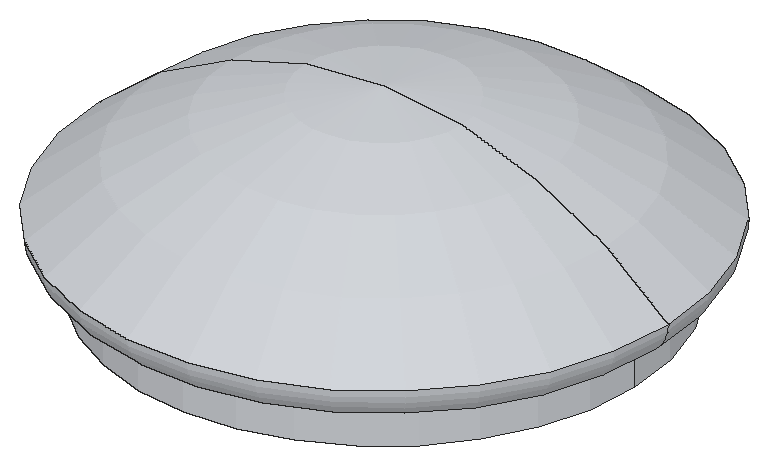
Revit family "0043426", category Lighting Fixtures, host Face, Revit 2017
Family settings
  Host = Face
  Round Connector Dimension = Use Diameter
  Part Type = Normal
  OmniClass Number = 23.80.70.00
  OmniClass Title = Lighting
  Cut with Voids When Loaded = No
  Light Source = Yes
  Shared = No
  Room Calculation Point = No
Parameters (values of type "0043426_3000K START eco Surface IP44 1025LM 830/840 DT")
  YIN_SENSOR_SYL = no
  YIN_360_SYL = no
  YIN_330_SYL = no
  YIN_250_SYL = yes
  YIN_180_SYL = no
  Weight = "1.5 kg"
  Wattage Comments = ""
  Wattage = 12 W
  WarrantyStartDate [instance] = "n/a"
  WarrantyGuarantorParts = "n/a"
  WarrantyDurationUnit = "n/a"
  WarrantyDurationParts = "n/a"
  WarrantyDescription = "n/a"
  built-in parameter 1150110 = 1 (stored number, unit not read)
  Voltage = 0 V
  URL = "http://www.sylvania-lighting.com"
  TypeName = "Start eco Surface IP44 1025lm 830/840 DualTone"
  Type Image = <None>
  Type Comments = "n/a"
  built-in parameter 1114217 = 1 (stored number, unit not read)
  Tilt Angle = -90.00°
  built-in parameter 1150109 = 1 (stored number, unit not read)
  built-in parameter 1150134 = (empty or 0)
  built-in parameter 1150113 = 1 (stored number, unit not read)
  SerialNumber [instance] = "n/a"
  SENSOR_SYL = 12 mm
  Photometric Web File = "0043426_3000K.ies"
  Material_3_SYL = none
  PowerFactor = 0
  PowerConsumption = "n/a"
  NominalLength = 250 mm
  NominalHeight = 80 mm
  NominalDepth = 250 mm
  Name = "Start eco Surface IP44 1025lm 830/840 DualTone"
  ModelReference = Name  # "Start eco Surface IP44 1025lm 830/840 DualTone"
  ModelNumber = "0043426"
  Model = Name  # "Start eco Surface IP44 1025lm 830/840 DualTone"
  Material = "steel housing, other diffuser"
  ManufacturerName = "Feilo Sylvania"
  Manufacturer = "Feilo Sylvania"
  LuminousEfficacy = "n/a"
  built-in parameter 1150105 = (empty or 0)
  Lumens = 0 lm
  LuminaireType = ""
  built-in parameter 1150115 = 1 (stored number, unit not read)
  LightOutputRatio = "n/a"
  built-in parameter 1150137 = (empty or 0)
  built-in parameter 1150139 = (empty or 0)
  LampsType = Lamp  # "LED"
  LampNominalLuminous = "1025 lm"
  LampMacAdamStep = "6"
  LampColourTemperature = "3000 K"
  LampColourRenderingIndex = "80"
  built-in parameter 1150112 = 1 (stored number, unit not read)
  built-in parameter 1150114 = 1 (stored number, unit not read)
  Lamp = "LED"
  LUM_R_SYL = if(YIN_180_SYL, 90 mm, if(YIN_250_SYL, 125 mm, if(YIN_330_SYL, 165 mm, if(YIN_360_SYL, 180 mm, 180 mm))))  # 125 mm
  LUM_R_HEIGHT_SYL = LUM_H_SYL - 30 mm  # 50 mm
  LUM_H_SYL = if(YIN_180_SYL, 75 mm, if(YIN_250_SYL, 80 mm, if(YIN_330_SYL, 96 mm, if(YIN_360_SYL, 100 mm, 100 mm))))  # 80 mm
  Keynote = "16500"
  InstallationDate [instance] = "n/a"
  InputVoltage = "n/a"
  InputNominalFrequency = "n/a"
  built-in parameter 1150132 = (empty or 0)
  built-in parameter 1150102 = (empty or 0)
  built-in parameter 1150107 = 3000 (stored number, unit not read)
  built-in parameter 1150138 = (empty or 0)
  IngressProtection = "IP44"
  ImpactProtectionIndex = "IK03"
  built-in parameter 1150106 = 1.0982 (stored number, unit not read)
  IfcExportType = "IfcLightFixtureType"
  IfcExportAs = "IfcLightFixtureType"
  Emit from Circle Diameter = 609.6 mm
  Emit Shape Visible in Rendering = no
  ElectricShockClassification = "Class I"
  built-in parameter 1150104 = (empty or 0)
  DocumentationLiterature = "http://www.sylvania-lighting.com/product/en-int/products/0043426"
  DimmingControlOptions = "n/a"
  Material_2_SYL = none
  Dimming Lamp Color Temperature Shift = <None>
  Description = ""
  Default Elevation = 1219.2 mm
  CreatedOn = "8/18/2020"
  CreatedBy = "@sylvania-lighting.com"
  Cost = 0
  Color Filter = 16777215
  built-in parameter 1114216 [instance] = (empty or 0)
  ClassificationValue = "EF_70_80"
  ClassificationName = "Uniclass2015"
  Material_1_SYL = none
  BarCode [instance] = "n/a"
  built-in parameter 1114218 = 1 (stored number, unit not read)
  BOTTOM_R_SYL = if(YIN_180_SYL, 76 mm, if(YIN_250_SYL, 110 mm, if(YIN_330_SYL, 150 mm, if(YIN_360_SYL, 150 mm, 150 mm))))  # 110 mm
  BOTTOM_HEIGHT_SYL = LUM_H_SYL - 15 mm  # 65 mm
  built-in parameter 1150133 = 10 (stored number, unit not read)
  AssetType = "Fixed"
  AssetIdentifier [instance] = "n/a"
  Assembly Code = "D5020200"
  Apparent Load = 0 VA
  Material_4_SYL = none
Types (16, lengths in mm): name | YIN_360_SYL | YIN_330_SYL | YIN_250_SYL | YIN_180_SYL | Weight | Wattage | TypeName | built-in parameter 1150134 | Photometric Web File | PowerFactor | PowerConsumption | NominalLength | NominalHeight | NominalDepth | Name | ModelReference | ModelNumber | Model | LuminousEfficacy | built-in parameter 1150105 | Lumens | LampNominalLuminous | LampColourTemperature | LUM_R_SYL | LUM_R_HEIGHT_SYL | LUM_H_SYL | built-in parameter 1150107 | built-in parameter 1150106 | built-in parameter 1150104 | DocumentationLiterature | BOTTOM_R_SYL | BOTTOM_HEIGHT_SYL | Apparent Load
  0043436_3000K START eco Surface IP44 2050LM MW 830/840 DT | yes | no | no | no | "3.42 kg" | 24 W | "Start eco Surface IP44 2050lm MW 830/840 DualTone" | (empty or 0) | "0043436_3000K.ies" | 0 | "n/a" | 360 | 100 | 360 | "Start eco Surface IP44 2050lm MW 830/840 DualTone" | "Start eco Surface IP44 2050lm MW 830/840 DualTone" | "0043436" | "Start eco Surface IP44 2050lm MW 830/840 DualTone" | "n/a" | (empty or 0) | 0 lm | "2050 lm" | "3000 K" | 180 | 70 | 100 | 3000 (stored number, unit not read) | 1.0982 (stored number, unit not read) | (empty or 0) | "http://www.sylvania-lighting.com/product/en-int/products/0043436" | 150 | 85 | 0 VA
  0043435_4000K START eco Surface IP44 1550LM MW 830/840 DT | no | yes | no | no | "3.42 kg" | 18 W | "Start eco Surface IP44 1550lm MW 830/840 DualTone" | 12 | "0043435_4000K.ies" | 0 | "n/a" | 330 | 96 | 330 | "Start eco Surface IP44 1550lm MW 830/840 DualTone" | "Start eco Surface IP44 1550lm MW 830/840 DualTone" | "0043435" | "Start eco Surface IP44 1550lm MW 830/840 DualTone" | "n/a" | (empty or 0) | 0 lm | "1550 lm" | "4000 K" | 165 | 66 | 96 | 4000 (stored number, unit not read) | 1.0982 (stored number, unit not read) | (empty or 0) | "http://www.sylvania-lighting.com/product/en-int/products/0043435" | 150 | 81 | 0 VA
  0043435_3000K START eco Surface IP44 1550LM MW 830/840 DT | no | yes | no | no | "3.42 kg" | 18 W | "Start eco Surface IP44 1550lm MW 830/840 DualTone" | (empty or 0) | "0043435_3000K.ies" | 0 | "n/a" | 330 | 96 | 330 | "Start eco Surface IP44 1550lm MW 830/840 DualTone" | "Start eco Surface IP44 1550lm MW 830/840 DualTone" | "0043435" | "Start eco Surface IP44 1550lm MW 830/840 DualTone" | "n/a" | (empty or 0) | 0 lm | "1550 lm" | "3000 K" | 165 | 66 | 96 | 3000 (stored number, unit not read) | 1.0982 (stored number, unit not read) | (empty or 0) | "http://www.sylvania-lighting.com/product/en-int/products/0043435" | 150 | 81 | 0 VA
  0043434_4000K START eco Surface IP44 2050LM DIM 30/840 DT | yes | no | no | no | "3.54 kg" | 24 W | "Start eco Surface IP44 2050lm DIM 830/840 DualTone" | 12 | "0043434_4000K.ies" | 0 | "n/a" | 360 | 100 | 360 | "Start eco Surface IP44 2050lm DIM 830/840 DualTone" | "Start eco Surface IP44 2050lm DIM 830/840 DualTone" | "0043434" | "Start eco Surface IP44 2050lm DIM 830/840 DualTone" | "n/a" | (empty or 0) | 0 lm | "2050 lm" | "4000 K" | 180 | 70 | 100 | 4000 (stored number, unit not read) | 1.0982 (stored number, unit not read) | (empty or 0) | "http://www.sylvania-lighting.com/product/en-int/products/0043434" | 150 | 85 | 0 VA
  0043434_3000K START eco Surface IP44 2050LM DIM 30/840 DT | yes | no | no | no | "3.54 kg" | 24 W | "Start eco Surface IP44 2050lm DIM 830/840 DualTone" | (empty or 0) | "0043434_3000K.ies" | 0 | "n/a" | 360 | 100 | 360 | "Start eco Surface IP44 2050lm DIM 830/840 DualTone" | "Start eco Surface IP44 2050lm DIM 830/840 DualTone" | "0043434" | "Start eco Surface IP44 2050lm DIM 830/840 DualTone" | "n/a" | (empty or 0) | 0 lm | "2050 lm" | "3000 K" | 180 | 70 | 100 | 3000 (stored number, unit not read) | 1.0982 (stored number, unit not read) | (empty or 0) | "http://www.sylvania-lighting.com/product/en-int/products/0043434" | 150 | 85 | 0 VA
  0043433_4000K START eco Surface IP44 1550LM DIM 830/840 DT | no | yes | no | no | "3.54 kg" | 18 W | "Start eco Surface IP44 1550lm DIM 830/840 DualTone" | 12 | "0043433_4000K.ies" | 0 | "n/a" | 330 | 96 | 330 | "Start eco Surface IP44 1550lm DIM 830/840 DualTone" | "Start eco Surface IP44 1550lm DIM 830/840 DualTone" | "0043433" | "Start eco Surface IP44 1550lm DIM 830/840 DualTone" | "n/a" | (empty or 0) | 0 lm | "1550 lm" | "4000 K" | 165 | 66 | 96 | 4000 (stored number, unit not read) | 1.0982 (stored number, unit not read) | (empty or 0) | "http://www.sylvania-lighting.com/product/en-int/products/0043433" | 150 | 81 | 0 VA
  0043433_3000K START eco Surface IP44 1550LM DIM 830/840 DT | no | yes | no | no | "3.54 kg" | 18 W | "Start eco Surface IP44 1550lm DIM 830/840 DualTone" | (empty or 0) | "0043433_3000K.ies" | 0 | "n/a" | 330 | 96 | 330 | "Start eco Surface IP44 1550lm DIM 830/840 DualTone" | "Start eco Surface IP44 1550lm DIM 830/840 DualTone" | "0043433" | "Start eco Surface IP44 1550lm DIM 830/840 DualTone" | "n/a" | (empty or 0) | 0 lm | "1550 lm" | "3000 K" | 165 | 66 | 96 | 3000 (stored number, unit not read) | 1.0982 (stored number, unit not read) | (empty or 0) | "http://www.sylvania-lighting.com/product/en-int/products/0043433" | 150 | 81 | 0 VA
  0043428_4000K START eco Surface IP44 2050LM 830/840 DT | yes | no | no | no | "3.12 kg" | 24 W | "Start eco Surface IP44 2050lm 830/840 DualTone" | 12 | "0043428_4000K.ies" | 0 | "n/a" | 360 | 100 | 360 | "Start eco Surface IP44 2050lm 830/840 DualTone" | "Start eco Surface IP44 2050lm 830/840 DualTone" | "0043428" | "Start eco Surface IP44 2050lm 830/840 DualTone" | "n/a" | (empty or 0) | 0 lm | "2050 lm" | "4000 K" | 180 | 70 | 100 | 4000 (stored number, unit not read) | 1.0982 (stored number, unit not read) | (empty or 0) | "http://www.sylvania-lighting.com/product/en-int/products/0043428" | 150 | 85 | 0 VA
  0043428_3000K START eco Surface IP44 2050LM 830/840 DT | yes | no | no | no | "3.12 kg" | 24 W | "Start eco Surface IP44 2050lm 830/840 DualTone" | (empty or 0) | "0043428_3000K.ies" | 0 | "n/a" | 360 | 100 | 360 | "Start eco Surface IP44 2050lm 830/840 DualTone" | "Start eco Surface IP44 2050lm 830/840 DualTone" | "0043428" | "Start eco Surface IP44 2050lm 830/840 DualTone" | "n/a" | (empty or 0) | 0 lm | "2050 lm" | "3000 K" | 180 | 70 | 100 | 3000 (stored number, unit not read) | 1.0982 (stored number, unit not read) | (empty or 0) | "http://www.sylvania-lighting.com/product/en-int/products/0043428" | 150 | 85 | 0 VA
  0043427_4000K START eco Surface IP44 1550LM 830/840 DT | no | yes | no | no | "3.12 kg" | 18 W | "Start eco Surface IP44 1550lm 830/840 DualTone" | 12 | "0043427_4000K.ies" | 0 | "n/a" | 330 | 96 | 330 | "Start eco Surface IP44 1550lm 830/840 DualTone" | "Start eco Surface IP44 1550lm 830/840 DualTone" | "0043427" | "Start eco Surface IP44 1550lm 830/840 DualTone" | "n/a" | (empty or 0) | 0 lm | "1550 lm" | "4000 K" | 165 | 66 | 96 | 4000 (stored number, unit not read) | 1.0982 (stored number, unit not read) | (empty or 0) | "http://www.sylvania-lighting.com/product/en-int/products/0043427" | 150 | 81 | 0 VA
  0043427_3000K START eco Surface IP44 1550LM 830/840 DT | no | yes | no | no | "3.12 kg" | 18 W | "Start eco Surface IP44 1550lm 830/840 DualTone" | (empty or 0) | "0043427_3000K.ies" | 0 | "n/a" | 330 | 96 | 330 | "Start eco Surface IP44 1550lm 830/840 DualTone" | "Start eco Surface IP44 1550lm 830/840 DualTone" | "0043427" | "Start eco Surface IP44 1550lm 830/840 DualTone" | "n/a" | (empty or 0) | 0 lm | "1550 lm" | "3000 K" | 165 | 66 | 96 | 3000 (stored number, unit not read) | 1.0982 (stored number, unit not read) | (empty or 0) | "http://www.sylvania-lighting.com/product/en-int/products/0043427" | 150 | 81 | 0 VA
  0043426_4000K START eco Surface IP44 1025LM 830/840 DT | no | no | yes | no | "1.5 kg" | 12 W | "Start eco Surface IP44 1025lm 830/840 DualTone" | 12 | "0043426_4000K.ies" | 0 | "n/a" | 250 | 80 | 250 | "Start eco Surface IP44 1025lm 830/840 DualTone" | "Start eco Surface IP44 1025lm 830/840 DualTone" | "0043426" | "Start eco Surface IP44 1025lm 830/840 DualTone" | "n/a" | (empty or 0) | 0 lm | "1025 lm" | "4000 K" | 125 | 50 | 80 | 4000 (stored number, unit not read) | 1.0982 (stored number, unit not read) | (empty or 0) | "http://www.sylvania-lighting.com/product/en-int/products/0043426" | 110 | 65 | 0 VA
  0043426_3000K START eco Surface IP44 1025LM 830/840 DT | no | no | yes | no | "1.5 kg" | 12 W | "Start eco Surface IP44 1025lm 830/840 DualTone" | (empty or 0) | "0043426_3000K.ies" | 0 | "n/a" | 250 | 80 | 250 | "Start eco Surface IP44 1025lm 830/840 DualTone" | "Start eco Surface IP44 1025lm 830/840 DualTone" | "0043426" | "Start eco Surface IP44 1025lm 830/840 DualTone" | "n/a" | (empty or 0) | 0 lm | "1025 lm" | "3000 K" | 125 | 50 | 80 | 3000 (stored number, unit not read) | 1.0982 (stored number, unit not read) | (empty or 0) | "http://www.sylvania-lighting.com/product/en-int/products/0043426" | 110 | 65 | 0 VA
  0043425_4000K START eco Surface IP44 520LM 830/840 DT | no | no | no | yes | "1.02 kg" | 6 W | "Start eco Surface IP44 520lm 830/840 DualTone" | 12 | "0043425_4000K.ies" | 0.8 | "6 W" | 180 | 75 | 180 | "Start eco Surface IP44 520lm 830/840 DualTone" | "Start eco Surface IP44 520lm 830/840 DualTone" | "0043425" | "Start eco Surface IP44 520lm 830/840 DualTone" | "85 lm/W" | 40.585 (stored number, unit not read) | 510 lm | "520 lm" | "4000 K" | 90 | 45 | 75 | 4000 (stored number, unit not read) | 0.40585 (stored number, unit not read) | 7.8968 (stored number, unit not read) | "http://www.sylvania-lighting.com/product/en-int/products/0043425" | 76 | 60 | 6 VA
  0043425_3000K START eco Surface IP44 520LM 830/840 DT | no | no | no | yes | "1.02 kg" | 6 W | "Start eco Surface IP44 520lm 830/840 DualTone" | (empty or 0) | "0043425_3000K.ies" | 0.8 | "6 W" | 180 | 75 | 180 | "Start eco Surface IP44 520lm 830/840 DualTone" | "Start eco Surface IP44 520lm 830/840 DualTone" | "0043425" | "Start eco Surface IP44 520lm 830/840 DualTone" | "85 lm/W" | 40.585 (stored number, unit not read) | 510 lm | "520 lm" | "3000 K" | 90 | 45 | 75 | 3000 (stored number, unit not read) | 0.40585 (stored number, unit not read) | 7.8968 (stored number, unit not read) | "http://www.sylvania-lighting.com/product/en-int/products/0043425" | 76 | 60 | 6 VA
  0043436_4000K START eco Surface IP44 2050LM MW 830/840 DT | yes | no | no | no | "3.42 kg" | 24 W | "Start eco Surface IP44 2050lm MW 830/840 DualTone" | 12 | "0043436_4000K.ies" | 0 | "n/a" | 360 | 100 | 360 | "Start eco Surface IP44 2050lm MW 830/840 DualTone" | "Start eco Surface IP44 2050lm MW 830/840 DualTone" | "0043436" | "Start eco Surface IP44 2050lm MW 830/840 DualTone" | "n/a" | (empty or 0) | 0 lm | "2050 lm" | "4000 K" | 180 | 70 | 100 | 4000 (stored number, unit not read) | 1.0982 (stored number, unit not read) | (empty or 0) | "http://www.sylvania-lighting.com/product/en-int/products/0043436" | 150 | 85 | 0 VA
Reference planes
  plane 1 "Center (Front/Back)": y = 0
  plane 2: z = 0
  plane 3 "Center (Left/Right)": x = 0
  plane 4: x = -110
  plane 5: x = -125
  plane 6: z = -80
  plane 7: z = -50
  plane 8: z = -65
  plane 9: z = 12
Forms (mm)
  Revolve 1, solid
    sketch origin (0, 0, 0) x (1, 0, 0) y (0, 0, 1)
      loop
        line (0, -80) -> (0, 0)
        arc (0, 0) -> (-67.189, -13.279) -> (-125, -50) r 185.777
        arc (-125, -50) -> (-120.54, -60.54) -> (-110, -65) r 15.235
        line (-110, -65) -> (-110, -80) -> (0, -80)
      axis (0, -80) -> (0, 0)
    angle from 360 to 0
Dimensions and locks
  "BOTTOM_R_SYL": plane 3 "Center (Left/Right)" to plane 4
  "LUM_R_SYL": plane 3 "Center (Left/Right)" to plane 5
  "BOTTOM_HEIGHT_SYL": host face to plane 8
  "LUM_R_HEIGHT_SYL": host face to plane 7
  "LUM_H_SYL": host face to plane 6
  "SENSOR_SYL": plane 9 to host face
  aligned and locked: plane 2 to host face
  aligned and locked: level to host face
  aligned and locked: Revolve 1 sketch curve to plane 6
  aligned and locked: plane 4 to Revolve 1 sketch curve
  aligned and locked: imposter light to Revolve 1 sketch curve
  aligned and locked: Revolve 1 sketch curve to imposter light
Automatic sketch dimensions
  host sketch curve to host sketch curve = 2438.4 mm  (x2)
  Revolve 1 sketch curve to plane 5 = 0 mm
  Revolve 1 sketch curve to plane 8 = 0 mm
  Revolve 1 sketch curve to plane 7 = 0 mm
  plane 4 to Revolve 1 sketch curve = 0.233 mm
  plane 3 "Center (Left/Right)" to Revolve 1 sketch curve = 1.807 mm
